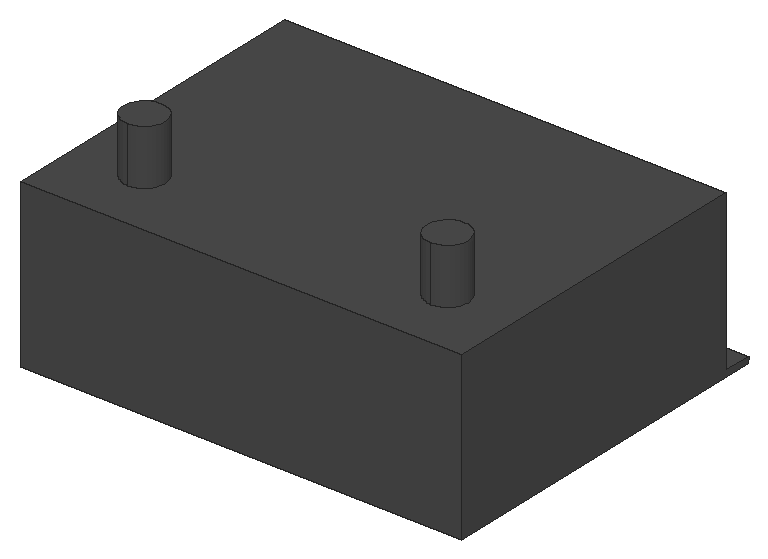
Revit family
Parameters (values of type "AC750")
  offset [instance] = 0' - 0"
  Warranty Duration (Years) = 0
  Unit Width = 0' - 8"
  Unit Height = 0' - 6"
  Unit Depth = 0' - 3"
  URL = "http://www.birdbgone.com/"
  Test Data = "http://www.birdbgone.com/bird-control-product-msds"
  Specification = "http://www.arcat.com/sdspecs/htm/10290bir.htm"
  SpecWizard = ""
  Send Message = "http://www.arcat.com/users.pl?action=UserEmail&company=Bird-B-Gone,%20Inc.&coid=38371&rep=147&fax=949-472-3116&mf="
  Sales Information = "http://www.birdbgone.com/bird-control-store/"
  Revision = "R1_10-2010"
  Product Properties = "http://www.arcat.com/bim/bim_info.pl?fn=BirdBGone"
  Product Data = "http://www.arcat.com/arcatcos/cos38/arc38371.html"
  Model = "As Specified in 10 81 19"
  Material [instance] = Metal - Bird B Gone - Black
  Manufacturer Website = "http://www.birdbgone.com/"
  Manufacturer Phone - Toll Free = "800-392-6915"
  Manufacturer Phone = "949-472-3122"
  Manufacturer Fax = "949-472-3116"
  Manufacturer Address = "23918 Skyline, Mission Viejo, CA 92692"
  Manufacturer = "Bird-B-Gone, Inc."
  Maintenance Schedule (Months) = 0
  Keynote = "10 81 19"
  Installation-Fabrication = "http://www.birdbgone.com/installation-instructions"
  Installation Phase = ""
  Green Building-LEED = "http://www.arcat.com/green/clients/leed_data_38371.html"
  Expected Lifespan (Years) = 0
  Drawn By = "Robert S. Weygant, CSI, CDT, SCIP"
  Description = "Bird Control Equipment as Specified in 10 81 19"
  Default Elevation = 4' - 0"
  Copyright = "wt"
  Construction Details = "http://www.arcat.com/details/birdbgon/birdbgon.html?coid=38371"
  Building Codes = "http://www.birdbgone.com/knowledge-center/"
  Assembly Code = "E1090900"
Reference planes (in)
  plane 1 "Center (Front/Back)": y = 0
  plane 2 "Bottom": z = 0
  plane 3 "Center (Left/Right)": x = 0
  plane 4 "Top": z = 3
  plane 5: x = -4
  plane 6: x = 4
  plane 7: y = 3
  plane 8: y = -3
Forms (in)
  Extrusion 1, solid, material "Metal - Bird B Gone - Black" <- "Material", detail levels medium+fine
    sketch origin (0, 0, 0) x (0, 1, 0) y (0, 0, 1)
      loop
        line (3, 0.125) -> (3, 3) -> (-3, 3) -> (-3, 0) -> (3.5, 0) -> (3.5, 0.125) -> (3, 0.125)
    from -4 to 4
  Extrusion 2, solid, material "Metal - Bird B Gone - Black" <- "Material", detail levels medium+fine
    sketch origin (-1.25, 1.25, 3) x (0, -1, 0) y (1, 0, 0)
      loop
        circle (3, 4) r 0.375
    from 0 to 1
  Extrusion 3, solid, material "Metal - Bird B Gone - Black" <- "Material", detail levels medium+fine
    sketch origin (1.25, 1.25, 3) x (0, -1, 0) y (1, 0, 0)
      loop
        circle (3, -4) r 0.375
    from 0 to 1
  Extrusion 4, solid, material "Metal - Bird B Gone - Black" <- "Material", detail levels medium+fine
    sketch origin (0.84233, 3, 0.62228) x (0, 0, 1) y (1, 0, 0)
      loop
        circle (0.00272, -4) r 0.25
    from 0 to 0.5
  Extrusion 5, solid, material "Metal - Bird B Gone - Black" <- "Material", detail levels medium+fine
    sketch origin (1.59233, 3, 0.62228) x (0, 0, 1) y (1, 0, 0)
      loop
        circle (0.00272, -4) r 0.25
    from 0 to 0.5
Cuts and joins
  joined: Extrusion 1, Extrusion 2, Extrusion 3, Extrusion 4, Extrusion 5
Lines and regions (in)
  model lines, style "Bird Control", detail levels fine
    curve 1: circle (0, -1.75, 3) r 0.25 normal (0, 0, 1)
Dimensions and locks (in)
  "Unit Depth": plane 4 "Top" to level
  equal spacing: plane 5, plane 3 "Center (Left/Right)", plane 6
  "Unit Width": plane 5 to plane 6
  equal spacing: plane 7, plane 1 "Center (Front/Back)", plane 8
  "Unit Height": plane 7 to plane 8
  aligned and locked: Extrusion 1 to plane 5
  aligned and locked: Extrusion 1 to plane 6
Automatic sketch dimensions
  Extrusion 1 sketch curve to level = 0' - 0"
  Extrusion 1 sketch curve to plane 8 = 0' - 0"
  Extrusion 1 sketch curve to plane 4 "Top" = 0' - 0"
  Extrusion 1 sketch curve to plane 7 = 0' - 0"
  level to Extrusion 1 sketch curve = 0' - 0 1/8"
  Extrusion 1 sketch curve to Extrusion 1 sketch curve = 0' - 0 1/2"
  Extrusion 2 sketch curve to Extrusion 1 = 0' - 1 1/4"
  Extrusion 1 to Extrusion 2 sketch curve = 0' - 1 1/4"
  Extrusion 3 sketch curve to Extrusion 1 = 0' - 1 1/4"
  Extrusion 1 to Extrusion 3 sketch curve = 0' - 1 1/4"
  curve 1 to Extrusion 1 = 0' - 1 1/4"
  Extrusion 1 to curve 1 = 0' - 4"
  Extrusion 1 to Extrusion 4 sketch curve = 0' - 0 1/2"
  Extrusion 1 to Extrusion 4 sketch curve = 0' - 0.84233"
  Extrusion 1 to Extrusion 5 sketch curve = 0' - 0 1/2"
  Extrusion 1 to Extrusion 5 sketch curve = 0' - 1.59233"
  radius of Extrusion 2 sketch curve = 0' - 0 3/8"
  radius of Extrusion 3 sketch curve = 0' - 0 3/8"
  radius of curve 1 = 0' - 0 1/4"
  radius of Extrusion 4 sketch curve = 0' - 0 1/4"
  radius of Extrusion 5 sketch curve = 0' - 0 1/4"
